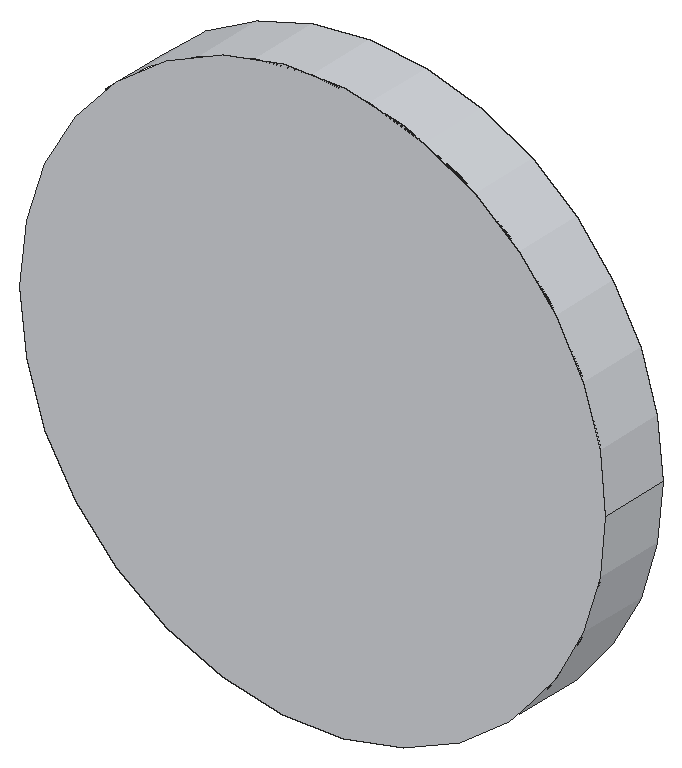
Revit family "RM-24", category Plumbing Fixtures, Revit 2014
Parameters (values of type "RM-24")
  URL = "http://helvex.com/contenido.php?producto=708"
  Type Comments = "Hand Showers"
  Total Width = 10"
  Total Length = 1.9"
  Total Depth = 22.8"
  Plastic Showerhead = Plastic
  Model = "RM-24"
  Min. Working Pressure = 14.22 psi
  Min. Water Flow = 0.66 GPM
  Max. Working Pressure = 85.34 psi
  Max. Water Flow = 2.64 GPM
  Manufacturer = "HELVEX"
  Instructive = "http://helvex.com/productos/instructivos/RM-24.pdf"
  Inlet Threads = "½\" - 14 NPT"
  Features = "Shower Medium And High Pressure; Semi-Recessed Fixture; Setting Kit Included; Adjustable Height Mechanism; Length Hose 59\" (1,5 m); With Antiscale System"
  Description = "Height Sliding Shower With Three Spray Modes With Antiscale System"
  Data Sheet = "http://helvex.com/productos/fichas/RM-24.pdf"
  Certification = "http://helvex.com/productos/vistas/RM-24.pdf"
  Brass Chromed = Brass
Reference planes (in)
  plane 1 "Center (Front/Back)": y = 0
  plane 2: z = 0
  plane 3 "Center (Left/Right)": x = 0
  plane 4: z = 74.8
Forms (in)
  Extrusion 1, solid
    sketch origin (0, 0, 0) x (1, 0, 0) y (0, 0, 1)
      loop
        circle (0, 74.8) r 0.25
    from 0 to -0.06034
Dimensions and locks (in)
  locked: plane 4 to plane 2 at 74.8
  aligned and locked: level to plane 2
Connectors (in)
  piping at (0, 0.06034, 74.8), diameter 0.5
    settings: on Extrusion 1, index 1, connector inside diameter 609.6 mm, connector length 0", flow factor 0, pipe flow 0.0 GPM, pressure drop 0.0 psi, fitting loss kfactor 0, connector angle 0.00°, fixture units 0, engagement length 0", angle of deflection 0.00°, flow configuration 2, flow direction 1, fitting loss method 0, system type 16, joint type 0, gender type 0, connector reference index -1, connector utility 0, adjustable connector no, is connector primary yes, connector description ""
